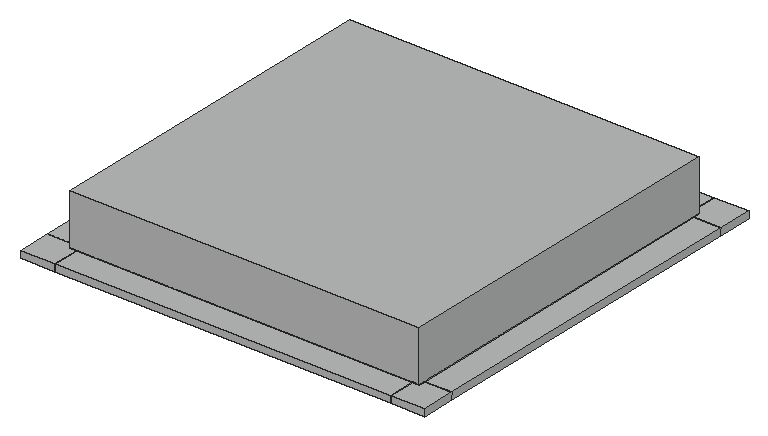
Revit family "ALUMOGIPS", category Осветительные приборы, Revit 2019 (continued)
Types (72, lengths in mm): name | Файл фотометрической сетки | built-in parameter 1150105 | Lumens | built-in parameter 1150106 | built-in parameter 1150142 | Wattage | Emit from Rectangle Width | Emit from Rectangle Length | Длина | Материал светильника | Ширина | ADSK_Ток | ADSK_Полная мощность | ADSK_Обозначение | ADSK_Номинальная мощность | ADSK_Наименование | ADSK_Масса | ADSK_Код изделия
  Alumogips-38/opal-sand 295х1195 (IP40, 4000К, белый) c БАП на 1 час | "Светильник ALUMOGIPS-38 OPAL-SAND-(295x1195).ies" | 302.39 (stored number, unit not read) | 3800 lm | 3.0239 (stored number, unit not read) | "IESNA:LM-63-1995\r\n[TEST] Протокол №334/16 от 03.11.2016г. Испытательная лаборатория Государственного предприятия \"ЦСОТ НАН Беларуси\"\r\n[MORE] FFFFFFFD255B12BA015C13F525FB5F2F2\r\n[DATA] 02.11.2016\r\n[MANUFAC] ЗАО \"Центрстройсвет\"\r\n[LUMCAT] Светильник ALUMOGIPS-38/OPAL-SAND-(295X1195)\r\n[LUMINAIRE] офисное освещение\r\n[LAMP] \r\nTILT=NONE\r\n1    -1.0   1.000 91 181 1 2   .295   1.195   0.04\r\n1.0  1.0   37.90\r\n0.0 2.0 4.0 6.0 8.0 10.0 12.0 14.0 16.0 18.0 20.0 22.0 24.0 26.0 28.0 30.0 32.0 34.0 36.0 38.0 40.0 42.0 44.0 46.0 48.0 50.0 52.0 54.0 56.0 58.0 60.0 62.0 64.0 66.0 68.0 70.0 72.0 74.0 76.0 78.0 80.0 82.0 84.0 86.0 88.0 90.0 92.0 94.0 96.0 98.0 100.0 102.0 104.0 106.0 108.0 110.0 112.0 114.0 116.0 118.0 120.0 122.0 124.0 126.0 128.0 130.0 132.0 134.0 136.0 138.0 140.0 142.0 144.0 146.0 148.0 150.0 152.0 154.0 156.0 158.0 160.0 162.0 164.0 166.0 168.0 170.0 172.0 174.0 176.0 178.0 180.0 \r\n0.0 2.0 4.0 6.0 8.0 10.0 12.0 14.0 16.0 18.0 20.0 22.0 24.0 26.0 28.0 30.0 32.0 34.0 36.0 38.0 40.0 42.0 44.0 46.0 48.0 50.0 52.0 54.0 56.0 58.0 60.0 62.0 64.0 66.0 68.0 70.0 72.0 74.0 76.0 78.0 80.0 82.0 84.0 86.0 88.0 90.0 92.0 94.0 96.0 98.0 100.0 102.0 104.0 106.0 108.0 110.0 112.0 114.0 116.0 118.0 120.0 122.0 124.0 126.0 128.0 130.0 132.0 134.0 136.0 138.0 140.0 142.0 144.0 146.0 148.0 150.0 152.0 154.0 156.0 158.0 160.0 162.0 164.0 166.0 168.0 170.0 172.0 174.0 176.0 178.0 180.0 182.0 184.0 186.0 188.0 190.0 192.0 194.0 196.0 198.0 200.0 202.0 204.0 206.0 208.0 210.0 212.0 214.0 216.0 218.0 220.0 222.0 224.0 226.0 228.0 230.0 232.0 234.0 236.0 238.0 240.0 242.0 244.0 246.0 248.0 250.0 252.0 254.0 256.0 258.0 260.0 262.0 264.0 266.0 268.0 270.0 272.0 274.0 276.0 278.0 280.0 282.0 284.0 286.0 288.0 290.0 292.0 294.0 296.0 298.0 300.0 302.0 304.0 306.0 308.0 310.0 312.0 314.0 316.0 318.0 320.0 322.0 324.0 326.0 328.0 330.0 332.0 334.0 336.0 338.0 340.0 342.0 344.0 346.0 348.0 350.0 352.0 354.0 356.0 358.0 360.0 \r\n1417.637 1416.354 1411.816 1405.303 1395.733 1384.288 1370.276 1353.307 1334.658 1313.741 1290.456 1264.901 1237.669 1208.563 1177.582 1144.923 1111.476 1076.252 \r\n1039.646 1001.857 963.476 923.417 883.260 842.018 801.072 758.644 716.317 673.693 630.576 587.064 543.749 500.435 457.614 414.891 371.972 330.137 289.191 248.836 209.765 171.778 \r\n133.693 99.653 67.389 36.901 9.077 0.592 0.592 0.592 0.493 0.493 0.493 0.493 0.493 0.493 0.493 0.493 0.395 0.395 0.395 0.395 0.395 0.395 0.395 0.296 0.296 0.296 0.296 0.296 0.296 0.296 0.296 0.197 \r\n0.197 0.197 0.197 0.197 0.197 0.197 0.197 0.098 0.098 0.098 0.098 0.098 0.098 0.098 0.098 0.000 0.000 0.000 0.000 \r\n1417.637 1416.453 1411.914 1405.402 1395.930 1384.583 1370.671 1353.701 1335.053 1314.234 1290.850 1265.395 1238.261 1209.155 1178.075 1145.515 1112.067 1076.844 \r\n1040.239 1002.548 964.167 924.207 883.951 842.708 801.762 759.336 717.008 674.383 631.267 587.755 544.441 501.126 458.206 415.385 372.465 330.631 289.585 249.231 210.160 172.172 \r\n134.088 99.949 67.685 37.198 9.275 0.592 0.592 0.592 0.493 0.493 0.493 0.493 0.493 0.493 0.493 0.493 0.395 0.395 0.395 0.395 0.395 0.395 0.395 0.296 0.296 0.296 0.296 0.296 0.296 0.296 0.296 0.197 \r\n0.197 0.197 0.197 0.197 0.197 0.197 0.197 0.098 0.098 0.098 0.098 0.098 0.098 0.098 0.098 0.000 0.000 0.000 0.000 \r\n1417.637 1416.453 1412.013 1405.600 1396.226 1384.781 1370.968 1354.095 1335.448 1314.629 1291.344 1265.888 1238.754 1209.648 1178.667 1146.206 1112.758 1077.534 \r\n1040.929 1003.140 964.857 924.898 884.740 843.400 802.453 760.026 717.698 674.976 631.859 588.446 545.032 501.718 458.798 415.977 373.057 331.124 290.079 249.625 210.553 172.567 \r\n134.383 100.245 67.883 37.394 9.472 0.592 0.592 0.592 0.493 0.493 0.493 0.493 0.493 0.493 0.493 0.493 0.395 0.395 0.395 0.395 0.395 0.395 0.395 0.296 0.296 0.296 0.296 0.296 0.296 0.296 0.296 0.197 \r\n0.197 0.197 0.197 0.197 0.197 0.197 0.197 0.098 0.098 0.098 0.098 0.098 0.098 0.098 0.098 0.000 0.000 0.000 0.000 \r\n1417.637 1416.551 1412.111 1405.796 1396.423 1385.077 1371.264 1354.391 1335.842 1315.024 1291.837 1266.382 1239.248 1210.240 1179.259 1146.798 1113.350 1078.126 \r\n1041.620 1003.831 965.548 925.588 885.431 844.090 803.143 760.717 718.389 675.666 632.549 589.038 545.723 502.310 459.390 416.569 373.550 331.617 290.474 250.119 210.948 172.863 \r\n134.679 100.541 68.178 37.591 9.669 0.592 0.592 0.592 0.493 0.493 0.493 0.493 0.493 0.493 0.493 0.493 0.395 0.395 0.395 0.395 0.395 0.395 0.395 0.296 0.296 0.296 0.296 0.296 0.296 0.296 0.296 0.197 \r\n0.197 0.197 0.197 0.197 0.197 0.197 0.197 0.098 0.098 0.098 0.098 0.098 0.098 0.098 0.098 0.000 0.000 0.000 0.000 \r\n1417.637 1416.551 1412.309 1405.895 1396.621 1385.373 1371.559 1354.786 1336.237 1315.419 1292.232 1266.875 1239.742 1210.733 1179.851 1147.390 1113.942 1078.816 \r\n1042.310 1004.521 966.238 926.279 886.121 844.879 803.834 761.408 719.080 676.357 633.240 589.728 546.315 502.902 459.982 417.062 374.043 332.110 290.967 250.513 211.343 173.258 \r\n135.074 100.837 68.376 37.888 9.965 0.592 0.592 0.592 0.493 0.493 0.493 0.493 0.493 0.493 0.493 0.493 0.395 0.395 0.395 0.395 0.395 0.395 0.395 0.296 0.296 0.296 0.296 0.296 0.296 0.296 0.296 0.197 \r\n0.197 0.197 0.197 0.197 0.197 0.197 0.197 0.098 0.098 0.098 0.098 0.098 0.098 0.098 0.098 0.000 0.000 0.000 0.000 \r\n1417.637 1416.650 1412.407 1406.093 1396.917 1385.669 1371.954 1355.181 1336.632 1315.912 1292.725 1267.368 1240.334 1211.325 1180.443 1147.982 1114.633 1079.409 \r\n1042.903 1005.212 966.929 926.969 886.812 845.569 804.524 762.098 719.770 677.048 633.832 590.320 546.907 503.494 460.574 417.654 374.636 332.603 291.460 250.908 211.738 173.653 \r\n135.371 101.133 68.671 38.086 10.163 0.592 0.592 0.592 0.493 0.493 0.493 0.493 0.493 0.493 0.493 0.493 0.395 0.395 0.395 0.395 0.395 0.395 0.395 0.296 0.296 0.296 0.296 0.296 0.296 0.296 0.296 0.197 \r\n0.197 0.197 0.197 0.197 0.197 0.197 0.197 0.098 0.098 0.098 0.098 0.098 0.098 0.098 0.098 0.000 0.000 0.000 0.000 \r\n1417.637 1416.650 1412.506 1406.191 1397.114 1385.866 1372.250 1355.576 1337.027 1316.307 1293.218 1267.861 1240.827 1211.918 1181.035 1148.672 1115.225 1080.099 \r\n1043.593 1005.902 967.620 927.660 887.503 846.260 805.215 762.789 720.461 677.739 634.523 591.011 547.598 504.086 461.166 418.247 375.129 333.098 291.855 251.401 212.132 173.948 \r\n135.666 101.429 68.968 38.381 10.360 0.592 0.592 0.592 0.493 0.493 0.493 0.493 0.493 0.493 0.493 0.493 0.395 0.395 0.395 0.395 0.395 0.395 0.395 0.296 0.296 0.296 0.296 0.296 0.296 0.296 0.296 0.197 \r\n0.197 0.197 0.197 0.197 0.197 0.197 0.197 0.098 0.098 0.098 0.098 0.098 0.098 0.098 0.098 0.000 0.000 0.000 0.000 \r\n1417.637 1416.650 1412.604 1406.389 1397.311 1386.162 1372.546 1355.871 1337.421 1316.701 1293.613 1268.355 1241.320 1212.411 1181.627 1149.265 1115.816 1080.691 \r\n1044.284 1006.593 968.212 928.351 888.194 846.951 805.906 763.479 721.151 678.429 635.213 591.702 548.190 504.777 461.758 418.740 375.721 333.591 292.348 251.796 212.527 174.343 \r\n135.962 101.627 69.165 38.579 10.557 0.592 0.592 0.592 0.493 0.493 0.493 0.493 0.493 0.493 0.493 0.395 0.395 0.395 0.395 0.395 0.395 0.395 0.395 0.296 0.296 0.296 0.296 0.296 0.296 0.296 0.296 0.197 \r\n0.197 0.197 0.197 0.197 0.197 0.197 0.197 0.098 0.098 0.098 0.098 0.098 0.098 0.098 0.098 0.000 0.000 0.000 0.000 \r\n1417.637 1416.749 1412.704 1406.586 1397.607 1386.458 1372.941 1356.266 1337.815 1317.095 1294.106 1268.848 1241.813 1213.003 1182.219 1149.856 1116.409 1081.382 \r\n1044.876 1007.283 968.902 929.042 888.885 847.642 806.597 764.170 721.843 679.120 635.806 592.293 548.881 505.368 462.351 419.332 376.214 334.084 292.841 252.191 212.922 174.738 \r\n136.357 101.922 69.461 38.776 10.853 0.592 0.592 0.592 0.493 0.493 0.493 0.493 0.493 0.493 0.493 0.395 0.395 0.395 0.395 0.395 0.395 0.395 0.395 0.296 0.296 0.296 0.296 0.296 0.296 0.296 0.296 0.197 \r\n0.197 0.197 0.197 0.197 0.197 0.197 0.197 0.098 0.098 0.098 0.098 0.098 0.098 0.098 0.098 0.000 0.000 0.000 0.000 \r\n1417.637 1416.749 1412.802 1406.684 1397.805 1386.754 1373.237 1356.661 1338.210 1317.589 1294.599 1269.341 1242.406 1213.496 1182.811 1150.448 1117.099 1081.974 \r\n1045.566 1007.974 969.593 929.732 889.575 848.333 807.287 764.861 722.533 679.712 636.496 592.985 549.472 505.960 462.942 419.825 376.707 334.577 293.236 252.684 213.317 175.034 \r\n136.652 102.218 69.659 39.072 11.051 0.592 0.592 0.592 0.493 0.493 0.493 0.493 0.493 0.493 0.493 0.395 0.395 0.395 0.395 0.395 0.395 0.395 0.395 0.296 0.296 0.296 0.296 0.296 0.296 0.296 0.296 0.197 \r\n0.197 0.197 0.197 0.197 0.197 0.197 0.197 0.098 0.098 0.098 0.098 0.098 0.098 0.098 0.098 0.000 0.000 0.000 0.000 \r\n1417.637 1416.848 1412.901 1406.882 1398.002 1387.051 1373.533 1356.957 1338.605 1317.983 1294.994 1269.834 1242.899 1214.089 1183.403 1151.041 1117.692 1082.665 \r\n1046.257 1008.566 970.284 930.423 890.266 849.121 807.978 765.552 723.224 680.403 637.187 593.675 550.163 506.553 463.534 420.416 377.300 335.071 293.729 253.079 213.712 175.429 \r\n136.949 102.515 69.954 39.269 11.248 0.592 0.592 0.592 0.493 0.493 0.493 0.493 0.493 0.493 0.493 0.395 0.395 0.395 0.395 0.395 0.395 0.395 0.395 0.296 0.296 0.296 0.296 0.296 0.296 0.296 0.296 0.197 \r\n0.197 0.197 0.197 0.197 0.197 0.197 0.197 0.098 0.098 0.098 0.098 0.098 0.098 0.098 0.098 0.000 0.000 0.000 0.000 \r\n1417.637 1416.848 1412.999 1407.079 1398.298 1387.247 1373.829 1357.352 1339.000 1318.378 1295.488 1270.327 1243.392 1214.680 1183.995 1151.731 1118.283 1083.257 \r\n1046.849 1009.257 970.975 931.113 891.055 849.813 808.668 766.242 723.914 681.093 637.779 594.266 550.755 507.145 464.126 421.009 377.793 335.564 294.222 253.474 214.105 175.823 \r\n137.343 102.810 70.250 39.467 11.445 0.592 0.592 0.592 0.493 0.493 0.493 0.493 0.493 0.493 0.493 0.395 0.395 0.395 0.395 0.395 0.395 0.395 0.395 0.296 0.296 0.296 0.296 0.296 0.296 0.296 0.296 0.197 \r\n0.197 0.197 0.197 0.197 0.197 0.197 0.197 0.098 0.098 0.098 0.098 0.098 0.098 0.098 0.098 0.000 0.000 0.000 0.000 \r\n1417.637 1416.946 1413.098 1407.178 1398.495 1387.544 1374.223 1357.747 1339.395 1318.773 1295.882 1270.822 1243.886 1215.174 1184.587 1152.323 1118.974 1083.848 \r\n1047.540 1009.947 971.665 931.903 891.746 850.503 809.359 766.933 724.507 681.784 638.470 594.958 551.445 507.836 464.718 421.502 378.287 336.057 294.617 253.967 214.500 176.119 \r\n137.640 103.106 70.447 39.762 11.741 0.592 0.592 0.592 0.493 0.493 0.493 0.493 0.493 0.493 0.493 0.395 0.395 0.395 0.395 0.395 0.395 0.395 0.395 0.296 0.296 0.296 0.296 0.296 0.296 0.296 0.296 0.197 \r\n0.197 0.197 0.197 0.197 0.197 0.197 0.197 0.098 0.098 0.098 0.098 0.098 0.098 0.098 0.098 0.000 0.000 0.000 0.000 \r\n1417.637 1416.946 1413.197 1407.376 1398.693 1387.839 1374.520 1358.042 1339.789 1319.168 1296.376 1271.315 1244.477 1215.765 1185.179 1152.915 1119.566 1084.539 \r\n1048.230 1010.638 972.356 932.594 892.436 851.194 810.050 767.623 725.197 682.474 639.160 595.649 552.038 508.427 465.310 422.094 378.878 336.550 295.111 254.362 214.895 176.514 \r\n137.935 103.403 70.744 39.960 11.939 0.592 0.592 0.592 0.493 0.493 0.493 0.493 0.493 0.493 0.493 0.395 0.395 0.395 0.395 0.395 0.395 0.395 0.395 0.296 0.296 0.296 0.296 0.296 0.296 0.296 0.296 0.197 \r\n0.197 0.197 0.197 0.197 0.197 0.197 0.197 0.098 0.098 0.098 0.098 0.098 0.098 0.098 0.098 0.000 0.000 0.000 0.000 \r\n1417.637 1417.044 1413.295 1407.474 1398.890 1388.135 1374.815 1358.437 1340.184 1319.661 1296.869 1271.808 1244.971 1216.258 1185.673 1153.507 1120.158 1085.131 \r\n1048.823 1011.329 973.046 933.284 893.127 851.884 810.741 768.314 725.888 683.165 639.752 596.240 552.728 509.019 465.902 422.686 379.371 337.044 295.505 254.757 215.388 176.909 \r\n138.232 103.698 70.942 40.157 12.136 0.592 0.592 0.592 0.493 0.493 0.493 0.493 0.493 0.493 0.493 0.395 0.395 0.395 0.395 0.395 0.395 0.395 0.395 0.296 0.296 0.296 0.296 0.296 0.296 0.296 0.296 0.197 \r\n0.197 0.197 0.197 0.197 0.197 0.197 0.197 0.098 0.098 0.098 0.098 0.098 0.098 0.098 0.098 0.000 0.000 0.000 0.000 \r\n1417.637 1417.044 1413.394 1407.671 1399.187 1388.333 1375.111 1358.832 1340.578 1320.056 1297.264 1272.301 1245.464 1216.851 1186.264 1154.099 1120.849 1085.822 \r\n1049.513 1012.020 973.737 933.975 893.818 852.575 811.432 769.004 726.578 683.855 640.443 596.930 553.321 509.611 466.494 423.180 379.964 337.537 295.999 255.250 215.783 177.304 \r\n138.626 103.994 71.237 40.453 12.333 0.592 0.592 0.592 0.493 0.493 0.493 0.493 0.493 0.493 0.493 0.395 0.395 0.395 0.395 0.395 0.395 0.395 0.395 0.296 0.296 0.296 0.296 0.296 0.296 0.296 0.296 0.197 \r\n0.197 0.197 0.197 0.197 0.197 0.197 0.197 0.098 0.098 0.098 0.098 0.098 0.098 0.098 0.098 0.000 0.000 0.000 0.000 \r\n1417.637 1417.143 1413.492 1407.869 1399.383 1388.629 1375.506 1359.226 1340.973 1320.451 1297.757 1272.795 1246.056 1217.443 1186.856 1154.790 1121.441 1086.414 \r\n1050.204 1012.711 974.428 934.665 894.508 853.365 812.122 769.695 727.269 684.448 641.134 597.523 554.011 510.203 467.086 423.772 380.457 338.031 296.492 255.645 216.178 177.599 \r\n138.922 104.291 71.533 40.650 12.629 0.592 0.592 0.592 0.493 0.493 0.493 0.493 0.493 0.493 0.493 0.395 0.395 0.395 0.395 0.395 0.395 0.395 0.395 0.296 0.296 0.296 0.296 0.296 0.296 0.296 0.296 0.197 \r\n0.197 0.197 0.197 0.197 0.197 0.197 0.197 0.098 0.098 0.098 0.098 0.098 0.098 0.098 0.098 0.000 0.000 0.000 0.000 \r\n1417.637 1417.143 1413.592 1407.967 1399.580 1388.925 1375.803 1359.523 1341.367 1320.845 1298.250 1273.288 1246.550 1217.936 1187.448 1155.382 1122.032 1087.105 \r\n1050.894 1013.401 975.119 935.356 895.199 854.055 812.813 770.386 727.959 685.138 641.725 598.213 554.603 510.795 467.678 424.265 380.951 338.524 296.887 256.038 216.573 177.994 \r\n139.218 104.586 71.730 40.848 12.826 0.592 0.592 0.493 0.493 0.493 0.493 0.493 0.493 0.493 0.493 0.395 0.395 0.395 0.395 0.395 0.395 0.395 0.395 0.296 0.296 0.296 0.296 0.296 0.296 0.296 0.296 0.197 \r\n0.197 0.197 0.197 0.197 0.197 0.197 0.197 0.098 0.098 0.098 0.098 0.098 0.098 0.098 0.098 0.000 0.000 0.000 0.000 \r\n1417.637 1417.242 1413.690 1408.165 1399.877 1389.220 1376.098 1359.917 1341.762 1321.339 1298.645 1273.781 1247.043 1218.528 1188.041 1155.974 1122.723 1087.697 \r\n1051.487 1013.993 975.810 936.046 895.889 854.746 813.503 771.077 728.650 685.829 642.416 598.904 555.294 511.486 468.270 424.857 381.542 339.018 297.380 256.533 216.967 178.389 \r\n139.613 104.882 72.026 41.143 13.024 0.592 0.592 0.493 0.493 0.493 0.493 0.493 0.493 0.493 0.493 0.395 0.395 0.395 0.395 0.395 0.395 0.395 0.395 0.296 0.296 0.296 0.296 0.296 0.296 0.296 0.296 0.197 \r\n0.197 0.197 0.197 0.197 0.197 0.197 0.197 0.098 0.098 0.098 0.098 0.098 0.098 0.098 0.098 0.000 0.000 0.000 0.000 \r\n1417.637 1417.242 1413.789 1408.362 1400.075 1389.517 1376.394 1360.311 1342.157 1321.733 1299.138 1274.274 1247.536 1219.022 1188.632 1156.566 1123.315 1088.388 \r\n1052.177 1014.684 976.500 936.738 896.581 855.436 814.194 771.768 729.341 686.519 643.107 599.496 555.885 512.078 468.862 425.449 382.035 339.511 297.873 256.926 217.362 178.685 \r\n139.909 105.079 72.223 41.341 13.221 0.592 0.592 0.493 0.493 0.493 0.493 0.493 0.493 0.493 0.493 0.395 0.395 0.395 0.395 0.395 0.395 0.395 0.395 0.296 0.296 0.296 0.296 0.296 0.296 0.296 0.296 0.197 \r\n0.197 0.197 0.197 0.197 0.197 0.197 0.197 0.098 0.098 0.098 0.098 0.098 0.098 0.098 0.098 0.000 0.000 0.000 0.000 \r\n1417.637 1417.341 1413.986 1408.461 1400.271 1389.715 1376.789 1360.608 1342.552 1322.128 1299.632 1274.768 1248.128 1219.614 1189.224 1157.256 1123.907 1088.980 \r\n1052.868 1015.374 977.191 937.428 897.369 856.127 814.884 772.458 730.032 687.211 643.698 600.187 556.577 512.670 469.454 425.942 382.529 340.004 298.268 257.321 217.756 179.080 \r\n140.204 105.376 72.520 41.538 13.517 0.592 0.592 0.493 0.493 0.493 0.493 0.493 0.4
